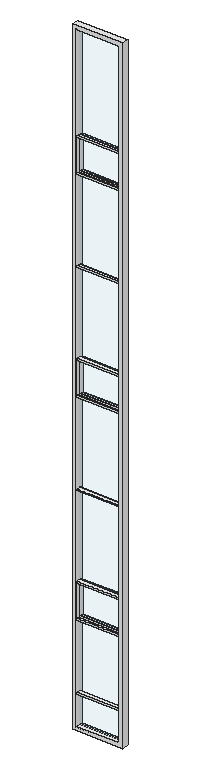
Revit family
Parameters (values of type "11400x900 mm")
  창프레임 = ""
  창철물 = ""
  창유리/마감 = ""
  창위치/개소 = ""
  창부호 = "6/ACW"
  창번호 = "6"
  창기호 = "ACW"
  유리 = 유리
  프레임 = 계단실 창 프레임
  Assembly Code = ""
  Height = 11400 mm
  기본 씰 높이 = 1200 mm
  Wall Closure = (empty or 0)
  Width = 900 mm
Reference planes
  plane 1: y = 0
  plane 2 "중심(왼쪽/오른쪽)": x = 0
  plane 3 "왼쪽": x = -450
  plane 4 "오른쪽": x = 450
  plane 5 "씰": z = 1200
  plane 6 "헤드": z = 12600
  plane 7 "외부": y = 75
  plane 8 "내부": y = -75
  plane 9: z = 1800
  plane 10: z = 3000
  plane 11: z = 3600
  plane 12: z = 5100
  plane 13: z = 6600
  plane 14: z = 7200
  plane 15: z = 8700
  plane 16: z = 10200
  plane 17: z = 10800
  plane 18: y = 95
  plane 19: y = 65
  plane 20: y = 40
  plane 21: y = -20
  plane 22: y = -25
  plane 23: x = -750
  plane 24: x = 750
  plane 25: z = 900
  plane 26: z = 12905
  plane 27: y = 20
  plane 28: x = 390
  plane 29: x = 360
  plane 30: x = -390
  plane 31: x = -360
  plane 32: z = 3615
  plane 33: z = 7215
  plane 34: z = 10815
  plane 35: x = -375
  plane 36: x = 375
Forms (mm)
  Sweep 1, solid, material "계단실 창 프레임" <- "프레임"
    path origin (2000, 95, 1000) x (1, 0, 0) y (0, 0, 1)
      loop
        line (-1550, 200) -> (-1550, 11600) -> (-2450, 11600) -> (-2450, 200) -> (-1550, 200)
    profile origin (450, 95, 6900) x (-1, 0, 0) y (0, -1, 0)
      loop
        line (0, 0) -> (60, 0) -> (60, 120) -> (0, 120) -> (0, 0)
  Extrusion 2, solid, material "계단실 창 프레임" <- "프레임"
    sketch origin (450, 0, 540) x (0, -1, 0) y (0, 0, 1)
      loop
        line (20, 1245) -> (20, 1275) -> (-40, 1275) -> (-40, 1245) -> (20, 1245)
    from 60 to 840
  Extrusion 3, solid, material "계단실 창 프레임" <- "프레임"
    sketch origin (450, 0, 1200) x (0, -1, 0) y (0, 0, 1)
      loop
        line (20, 1785) -> (20, 1815) -> (-20, 1815) -> (-20, 1800) -> (-40, 1800) -> (-40, 1785) -> (20, 1785)
    from 60 to 840
  Extrusion 4, solid, material "계단실 창 프레임" <- "프레임"
    sketch origin (450, 0, 2400) x (0, -1, 0) y (0, 0, 1)
      loop
        line (20, 1185) -> (20, 1215) -> (-40, 1215) -> (-40, 1200) -> (-20, 1200) -> (-20, 1185) -> (20, 1185)
    from 60 to 840
  Extrusion 5, solid, material "계단실 창 프레임" <- "프레임"
    sketch origin (450, 0, 3600) x (0, -1, 0) y (0, 0, 1)
      loop
        line (20, 1485) -> (20, 1500) -> (-40, 1500) -> (-40, 1485) -> (20, 1485)
    from 60 to 840
  Extrusion 6, solid, material "계단실 창 프레임" <- "프레임"
    sketch origin (450, 0, 7200) x (0, -1, 0) y (0, 0, 1)
      loop
        line (20, 1485) -> (20, 1515) -> (-40, 1515) -> (-40, 1485) -> (20, 1485)
    from 60 to 840
  Extrusion 7, solid, material "유리" <- "유리"
    sketch origin (450, 0, 0) x (0, -1, 0) y (0, 0, 1)
      loop
        line (-65, 1260) -> (-40, 1260) -> (-40, 1800) -> (-65, 1800) -> (-65, 1260)
    from 840 to 60
  Extrusion 8, solid, material "유리" <- "유리"
    sketch origin (450, 0, 1140) x (0, -1, 0) y (0, 0, 1)
      loop
        line (-65, 660) -> (-40, 660) -> (-40, 1860) -> (-65, 1860) -> (-65, 660)
    from 840 to 60
  Extrusion 9, solid, material "유리" <- "유리"
    sketch origin (450, 0, 2340) x (0, -1, 0) y (0, 0, 1)
      loop
        line (-65, 690) -> (-40, 690) -> (-40, 1230) -> (-65, 1230) -> (-65, 690)
    from 810 to 90
  Extrusion 10, solid, material "유리" <- "유리"
    sketch origin (450, 0, 3540) x (0, -1, 0) y (0, 0, 1)
      loop
        line (-65, 60) -> (-40, 60) -> (-40, 1560) -> (-65, 1560) -> (-65, 60)
    from 840 to 60
  Extrusion 11, solid, material "유리" <- "유리"
    sketch origin (450, 0, 4740) x (0, -1, 0) y (0, 0, 1)
      loop
        line (-65, 360) -> (-40, 360) -> (-40, 1860) -> (-65, 1860) -> (-65, 360)
    from 840 to 60
  Extrusion 12, solid, material "유리" <- "유리"
    sketch origin (450, 0, 7140) x (0, -1, 0) y (0, 0, 1)
      loop
        line (-65, 60) -> (-40, 60) -> (-40, 1560) -> (-65, 1560) -> (-65, 60)
    from 840 to 60
  Extrusion 13, solid, material "유리" <- "유리"
    sketch origin (450, 0, 8340) x (0, -1, 0) y (0, 0, 1)
      loop
        line (-65, 360) -> (-40, 360) -> (-40, 1860) -> (-65, 1860) -> (-65, 360)
    from 840 to 60
  Extrusion 14, solid, material "유리" <- "유리"
    sketch origin (450, 0, 10740) x (0, -1, 0) y (0, 0, 1)
      loop
        line (-65, 60) -> (-40, 60) -> (-40, 1800) -> (-65, 1800) -> (-65, 60)
    from 840 to 60
  Sweep 15, solid, material "계단실 창 프레임" <- "프레임"
    path origin (2000, 95, 1000) x (1, 0, 0) y (0, 0, 1)
      loop
        line (-1610, 2600) -> (-2390, 2600) -> (-2390, 2000) -> (-1610, 2000) -> (-1610, 2600)
    profile origin (390, 95, 3000) x (-1, 0, 0) y (0, -1, 0)
      loop
        line (0, 0) -> (30, 0) -> (30, 75) -> (0, 75) -> (0, 0)
  Extrusion 16, solid, material "계단실 창 프레임" <- "프레임"
    sketch origin (450, 0, 4800) x (0, -1, 0) y (0, 0, 1)
      loop
        line (20, 1785) -> (20, 1815) -> (-20, 1815) -> (-20, 1800) -> (-40, 1800) -> (-40, 1785) -> (20, 1785)
    from 60 to 840
  Extrusion 17, solid, material "계단실 창 프레임" <- "프레임"
    sketch origin (450, 0, 6000) x (0, -1, 0) y (0, 0, 1)
      loop
        line (20, 1185) -> (20, 1215) -> (-40, 1215) -> (-40, 1200) -> (-20, 1200) -> (-20, 1185) -> (20, 1185)
    from 60 to 840
  Extrusion 18, solid, material "유리" <- "유리"
    sketch origin (450, 0, 5940) x (0, -1, 0) y (0, 0, 1)
      loop
        line (-65, 690) -> (-40, 690) -> (-40, 1230) -> (-65, 1230) -> (-65, 690)
    from 840 to 90
  Sweep 19, solid, material "계단실 창 프레임" <- "프레임"
    path origin (2000, 95, 4600) x (1, 0, 0) y (0, 0, 1)
      loop
        line (-1610, 2600) -> (-2390, 2600) -> (-2390, 2000) -> (-1610, 2000) -> (-1610, 2600)
    profile origin (390, 95, 6600) x (-1, 0, 0) y (0, -1, 0)
      loop
        line (0, 0) -> (30, 0) -> (30, 75) -> (0, 75) -> (0, 0)
  Extrusion 20, solid, material "계단실 창 프레임" <- "프레임"
    sketch origin (450, 0, 8400) x (0, -1, 0) y (0, 0, 1)
      loop
        line (20, 1785) -> (20, 1815) -> (-20, 1815) -> (-20, 1800) -> (-40, 1800) -> (-40, 1785) -> (20, 1785)
    from 60 to 840
  Extrusion 21, solid, material "계단실 창 프레임" <- "프레임"
    sketch origin (450, 0, 9600) x (0, -1, 0) y (0, 0, 1)
      loop
        line (20, 1185) -> (20, 1215) -> (-40, 1215) -> (-40, 1200) -> (-20, 1200) -> (-20, 1185) -> (20, 1185)
    from 60 to 840
  Extrusion 22, solid, material "유리" <- "유리"
    sketch origin (450, 0, 9540) x (0, -1, 0) y (0, 0, 1)
      loop
        line (-65, 690) -> (-40, 690) -> (-40, 1230) -> (-65, 1230) -> (-65, 690)
    from 810 to 90
  Sweep 23, solid, material "계단실 창 프레임" <- "프레임"
    path origin (2000, 95, 8200) x (1, 0, 0) y (0, 0, 1)
      loop
        line (-1610, 2600) -> (-2390, 2600) -> (-2390, 2000) -> (-1610, 2000) -> (-1610, 2600)
    profile origin (390, 95, 10200) x (-1, 0, 0) y (0, -1, 0)
      loop
        line (0, 0) -> (30, 0) -> (30, 75) -> (0, 75) -> (0, 0)
  Extrusion 24, solid, material "계단실 창 프레임" <- "프레임"
    sketch origin (0, 0, 0) x (1, 0, 0) y (0, 1, 0)
      loop
        line (-390, -20) -> (-375, -20) -> (-375, 20) -> (-390, 20) -> (-390, -20)
      loop
        line (390, -20) -> (390, 20) -> (375, 20) -> (375, -20) -> (390, -20)
    from 3015 to 3585
  Extrusion 25, solid, material "계단실 창 프레임" <- "프레임"
    sketch origin (0, 0, 3600) x (1, 0, 0) y (0, 1, 0)
      loop
        line (-390, -20) -> (-375, -20) -> (-375, 20) -> (-390, 20) -> (-390, -20)
      loop
        line (390, -20) -> (390, 20) -> (375, 20) -> (375, -20) -> (390, -20)
    from 3015 to 3585
  Extrusion 26, solid, material "계단실 창 프레임" <- "프레임"
    sketch origin (0, 0, 7200) x (1, 0, 0) y (0, 1, 0)
      loop
        line (-390, -20) -> (-375, -20) -> (-375, 20) -> (-390, 20) -> (-390, -20)
      loop
        line (390, -20) -> (390, 20) -> (375, 20) -> (375, -20) -> (390, -20)
    from 3015 to 3585
Lines and regions (mm)
  Opening 1
    outline origin (3500, -75, 0) x (1, 0, 0) y (0, 0, 1)
      loop
        line (-3050, 1200) -> (-3050, 12600) -> (-3950, 12600) -> (-3950, 1200) -> (-3050, 1200)
  symbolic lines, style "WindowsOpeningProjection"
    curve 1: line (-450, 95, 900) -> (-450, 95, 12905)
    curve 2: line (-750, 95, 1200) -> (750, 95, 1200)
    curve 3: line (-455, 95, 1195) -> (455, 95, 1195)
    curve 4: line (-445, 95, 1205) -> (445, 95, 1205)
    curve 5: line (-445, 95, 1205) -> (-445, 95, 12595)
    curve 6: line (-455, 95, 1195) -> (-455, 95, 12605)
    curve 7: line (-750, 95, 12600) -> (750, 95, 12600)
    curve 8: line (-455, 95, 12605) -> (455, 95, 12605)
    curve 9: line (-445, 95, 12595) -> (445, 95, 12595)
    curve 10: line (450, 95, 900) -> (450, 95, 12905)
    curve 11: line (445, 95, 1205) -> (445, 95, 12595)
    curve 12: line (455, 95, 1195) -> (455, 95, 12605)
Text (mm)
  text "외부" at (-1963.203, 1332.353, 0), in view "참조 레벨"
  text "내부" at (-1981.466, -818.386, 0), in view "참조 레벨"
  text "외부" at (0, 923.751, 2943.296), in view "오른쪽"
  text "외부" at (0, 1040.484, 2685.409), in view "왼쪽"
Dimensions and locks
  equal spacing: plane 3 "왼쪽", plane 2 "중심(왼쪽/오른쪽)", plane 4 "오른쪽"
  "Width": plane 3 "왼쪽" to plane 4 "오른쪽"
  "Height": plane 5 "씰" to plane 6 "헤드"
  "기본 씰 높이": plane 5 "씰" to level
  locked: plane 7 "외부" to host wall at 0
  locked: plane 8 "내부" to host wall
  locked: plane 7 "외부" to plane 18 at 20
  locked: plane 19 to plane 7 "외부" at 10
  locked: plane 20 to plane 19 at 25
  locked: plane 21 to plane 20 at 60
  locked: plane 22 to plane 18 at 120
  curve 6 to curve 1 to curve 5 = 5 mm locked, 5 mm locked
  curve 3 to curve 2 to curve 4 = 5 mm locked, 5 mm locked
  curve 8 to curve 7 to curve 9 = 5 mm locked, 5 mm locked
  curve 12 to curve 10 to curve 11 = 5 mm locked, 5 mm locked
  locked: plane 6 "헤드" to plane 26 at 305
  locked: plane 25 to plane 5 "씰" at 300
  level to plane 9 = 1800 mm
  plane 5 "씰" to plane 10 = 1800 mm
  plane 10 to plane 11 = 600 mm
  plane 11 to plane 12 = 1500 mm
  plane 12 to plane 13 = 1500 mm
  plane 13 to plane 14 = 600 mm
  plane 14 to plane 15 = 1500 mm
  plane 15 to plane 16 = 1500 mm
  plane 16 to plane 17 = 600 mm
  plane 17 to plane 6 "헤드" = 1800 mm
  locked: plane 27 to plane 18 at 75
  plane 3 "왼쪽" to plane 30 to plane 31 = 60 mm locked, 30 mm locked
  plane 29 to plane 28 to plane 4 "오른쪽" = 30 mm locked, 60 mm locked
  locked: plane 36 to plane 28 at 15
  locked: plane 35 to plane 31 at 15
  locked: Sweep 1 sketch curve to Sweep 1 sketch curve at 60
  locked: Sweep 1 sketch curve to Sweep 1 sketch curve at 120
  aligned and locked: plane 21 to Extrusion 2 sketch curve
  aligned and locked: plane 20 to Extrusion 2 sketch curve
  aligned and locked: plane 19 to Extrusion 7 sketch curve
  aligned and locked: Extrusion 7 sketch curve to Sweep 1
  aligned and locked: plane 9 to Extrusion 7 sketch curve
  aligned and locked: Extrusion 7 sketch curve to Extrusion 2
  aligned and locked: Extrusion 7 to Sweep 1  (x2)
  aligned and locked: plane 11 to Extrusion 10
  aligned and locked: plane 12 to Extrusion 11
  aligned and locked: plane 14 to Extrusion 12
  aligned and locked: Extrusion 10 to plane 12
  aligned and locked: plane 9 to Extrusion 8
  aligned and locked: Extrusion 11 to plane 13
  aligned and locked: Extrusion 5 to plane 12
  aligned and locked: plane 22 to Sweep 1 sketch curve
  aligned and locked: plane 10 to Sweep 15 sketch curve
  aligned and locked: Sweep 1 to Sweep 15 sketch curve  (x2)
  aligned and locked: plane 27 to Sweep 15 sketch curve
  aligned and locked: plane 29 to Sweep 15 sketch curve
  aligned and locked: Extrusion 9 to plane 31
  aligned and locked: Extrusion 9 to Sweep 15  (x2)
  aligned and locked: Extrusion 9 to plane 29
  aligned and locked: Extrusion 18 to Sweep 19  (x2)
  aligned and locked: Extrusion 22 to Sweep 23  (x2)
  aligned and locked: Extrusion 24 sketch curve to plane 30
  aligned and locked: Extrusion 2 to Extrusion 24 sketch curve
  aligned and locked: plane 27 to Extrusion 24 sketch curve  (x2)
  aligned and locked: Extrusion 24 sketch curve to plane 35
  aligned and locked: plane 28 to Extrusion 24 sketch curve
  aligned and locked: Extrusion 24 sketch curve to Extrusion 2
  aligned and locked: Extrusion 24 sketch curve to plane 36
  aligned and locked: Extrusion 24 to Extrusion 4
  aligned and locked: Extrusion 24 to Extrusion 3
  aligned and locked: plane 6 "헤드" to Sweep 1 sketch curve
  aligned and locked: Sweep 1 sketch curve to plane 5 "씰"
  aligned and locked: plane 4 "오른쪽" to Sweep 1 sketch curve
  aligned and locked: Sweep 1 sketch curve to plane 3 "왼쪽"
  aligned and locked: Sweep 1 sketch curve to plane 4 "오른쪽"
  aligned and locked: Extrusion 14 to Sweep 1
  aligned and locked: Extrusion 22 to plane 31
  aligned and locked: Extrusion 18 to Extrusion 12
  aligned and locked: Extrusion 2 to Sweep 1  (x2)
  aligned and locked: Extrusion 8 to Sweep 1  (x2)
  aligned and locked: Extrusion 3 to Sweep 1  (x2)
  aligned and locked: Extrusion 4 to Sweep 1  (x2)
  aligned and locked: Extrusion 10 to Sweep 1  (x2)
  aligned and locked: Extrusion 5 to Sweep 1  (x2)
  aligned and locked: Extrusion 11 to Sweep 1
  aligned and locked: Extrusion 16 to Sweep 1  (x2)
  aligned and locked: Extrusion 17 to Sweep 1  (x2)
  aligned and locked: Extrusion 12 to Sweep 1
  aligned and locked: Extrusion 6 to Sweep 1  (x2)
  aligned and locked: Extrusion 13 to Sweep 1
  aligned and locked: Extrusion 20 to Sweep 1  (x2)
  aligned and locked: Extrusion 21 to Sweep 1  (x2)
Automatic sketch dimensions
  Opening 1 sketch curve to plane 3 "왼쪽" = 0 mm
  Opening 1 sketch curve to plane 4 "오른쪽" = 0 mm
  Opening 1 sketch curve to plane 5 "씰" = 0 mm
  Opening 1 sketch curve to plane 6 "헤드" = 0 mm
  plane 9 to Extrusion 2 sketch curve = 15 mm
  Extrusion 2 sketch curve to plane 9 = 15 mm
  Extrusion 3 sketch curve to plane 20 = 0 mm
  Extrusion 3 sketch curve to plane 10 = 0 mm
  Extrusion 3 sketch curve to plane 27 = 0 mm
  Extrusion 3 sketch curve to plane 21 = 0 mm
  plane 10 to Extrusion 3 sketch curve = 15 mm
  Extrusion 3 sketch curve to plane 10 = 15 mm
  Extrusion 4 sketch curve to plane 20 = 0 mm
  Extrusion 4 sketch curve to plane 27 = 0 mm
  Extrusion 4 sketch curve to plane 21 = 0 mm
  Extrusion 4 sketch curve to plane 11 = 0 mm
  Extrusion 4 sketch curve to plane 32 = 0 mm
  plane 11 to Extrusion 4 sketch curve = 15 mm
  Extrusion 5 sketch curve to plane 20 = 0 mm
  Extrusion 5 sketch curve to plane 12 = 0 mm
  Extrusion 5 sketch curve to plane 21 = 0 mm
  plane 12 to Extrusion 5 sketch curve = 15 mm
  Extrusion 6 sketch curve to plane 20 = 0 mm
  Extrusion 6 sketch curve to plane 21 = 0 mm
  plane 15 to Extrusion 6 sketch curve = 15 mm
  Extrusion 6 sketch curve to plane 15 = 15 mm
  Extrusion 8 sketch curve to plane 10 = 0 mm
  Extrusion 8 sketch curve to plane 19 = 0 mm
  Extrusion 8 sketch curve to plane 20 = 0 mm
  Extrusion 8 sketch curve to plane 9 = 0 mm
  Extrusion 9 sketch curve to plane 19 = 0 mm
  Extrusion 9 sketch curve to plane 20 = 0 mm
  Extrusion 9 sketch curve to plane 10 = 30 mm
  plane 11 to Extrusion 9 sketch curve = 30 mm
  Extrusion 10 sketch curve to plane 12 = 0 mm
  Extrusion 10 sketch curve to plane 19 = 0 mm
  Extrusion 10 sketch curve to plane 20 = 0 mm
  Extrusion 10 sketch curve to plane 11 = 0 mm
  Extrusion 11 sketch curve to plane 13 = 0 mm
  Extrusion 11 sketch curve to plane 19 = 0 mm
  Extrusion 11 sketch curve to plane 20 = 0 mm
  Extrusion 11 sketch curve to plane 12 = 0 mm
  Extrusion 12 sketch curve to plane 15 = 0 mm
  Extrusion 12 sketch curve to plane 19 = 0 mm
  Extrusion 12 sketch curve to plane 20 = 0 mm
  Extrusion 12 sketch curve to plane 14 = 0 mm
  Extrusion 13 sketch curve to plane 16 = 0 mm
  Extrusion 13 sketch curve to plane 19 = 0 mm
  Extrusion 13 sketch curve to plane 20 = 0 mm
  Extrusion 13 sketch curve to plane 15 = 0 mm
  Extrusion 14 sketch curve to plane 19 = 0 mm
  Extrusion 14 sketch curve to plane 20 = 0 mm
  Extrusion 14 sketch curve to plane 17 = 0 mm
  plane 6 "헤드" to Extrusion 14 sketch curve = 60 mm
  curve 2 to plane 5 "씰" = 0 mm
  curve 2 to plane 23 = 0 mm
  curve 7 to plane 6 "헤드" = 0 mm
  curve 7 to plane 23 = 0 mm
  curve 1 to plane 3 "왼쪽" = 0 mm
  curve 10 to plane 4 "오른쪽" = 0 mm
  curve 7 to plane 24 = 0 mm
  curve 2 to plane 24 = 0 mm
  curve 10 to plane 25 = 0 mm
  curve 1 to plane 25 = 0 mm
  curve 1 to plane 26 = 0 mm
  curve 10 to plane 26 = 0 mm
  Sweep 15 sketch curve to plane 11 = 0 mm
  Sweep 15 sketch curve to plane 30 = 0 mm
  Sweep 15 sketch curve to plane 28 = 0 mm
  Extrusion 16 sketch curve to plane 20 = 0 mm
  Extrusion 16 sketch curve to plane 13 = 0 mm
  Extrusion 16 sketch curve to plane 27 = 0 mm
  Extrusion 16 sketch curve to plane 21 = 0 mm
  plane 13 to Extrusion 16 sketch curve = 15 mm
  Extrusion 16 sketch curve to plane 13 = 15 mm
  Extrusion 17 sketch curve to plane 20 = 0 mm
  Extrusion 17 sketch curve to plane 27 = 0 mm
  Extrusion 17 sketch curve to plane 21 = 0 mm
  Extrusion 17 sketch curve to plane 14 = 0 mm
  Extrusion 17 sketch curve to plane 33 = 0 mm
  plane 14 to Extrusion 17 sketch curve = 15 mm
  Extrusion 18 sketch curve to plane 19 = 0 mm
  Extrusion 18 sketch curve to plane 20 = 0 mm
  Extrusion 18 sketch curve to plane 13 = 30 mm
  plane 14 to Extrusion 18 sketch curve = 30 mm
  Sweep 19 sketch curve to plane 14 = 0 mm
  Sweep 19 sketch curve to plane 30 = 0 mm
  Sweep 19 sketch curve to plane 13 = 0 mm
  Sweep 19 sketch curve to plane 28 = 0 mm
  Sweep 19 sketch curve to profile plane = 0 mm
  Sweep 19 sketch curve to plane 18 = 0 mm
  Sweep 19 sketch curve to profile plane = 30 mm
  plane 18 to Sweep 19 sketch curve = 75 mm
  Extrusion 20 sketch curve to plane 20 = 0 mm
  Extrusion 20 sketch curve to plane 16 = 0 mm
  Extrusion 20 sketch curve to plane 27 = 0 mm
  Extrusion 20 sketch curve to plane 21 = 0 mm
  plane 16 to Extrusion 20 sketch curve = 15 mm
  Extrusion 20 sketch curve to plane 16 = 15 mm
  Extrusion 21 sketch curve to plane 20 = 0 mm
  Extrusion 21 sketch curve to plane 27 = 0 mm
  Extrusion 21 sketch curve to plane 21 = 0 mm
  Extrusion 21 sketch curve to plane 17 = 0 mm
  Extrusion 21 sketch curve to plane 34 = 0 mm
  plane 17 to Extrusion 21 sketch curve = 15 mm
  Extrusion 22 sketch curve to plane 19 = 0 mm
  Extrusion 22 sketch curve to plane 20 = 0 mm
  Extrusion 22 sketch curve to plane 16 = 30 mm
  plane 17 to Extrusion 22 sketch curve = 30 mm
  Sweep 23 sketch curve to plane 17 = 0 mm
  Sweep 23 sketch curve to plane 30 = 0 mm
  Sweep 23 sketch curve to plane 16 = 0 mm
  Sweep 23 sketch curve to plane 28 = 0 mm
  Sweep 23 sketch curve to profile plane = 0 mm
  Sweep 23 sketch curve to plane 18 = 0 mm
  Sweep 23 sketch curve to profile plane = 30 mm
  plane 18 to Sweep 23 sketch curve = 75 mm
  Extrusion 25 sketch curve to plane 27 = 0 mm  (x2)
  Extrusion 25 sketch curve to plane 30 = 0 mm
  Extrusion 25 sketch curve to plane 35 = 0 mm
  Extrusion 25 sketch curve to plane 36 = 0 mm
  Extrusion 25 sketch curve to plane 28 = 0 mm
  Extrusion 25 sketch curve to plane 21 = 0 mm  (x2)
  Extrusion 26 sketch curve to plane 27 = 0 mm  (x2)
  Extrusion 26 sketch curve to plane 30 = 0 mm
  Extrusion 26 sketch curve to plane 35 = 0 mm
  Extrusion 26 sketch curve to plane 36 = 0 mm
  Extrusion 26 sketch curve to plane 28 = 0 mm
  Extrusion 26 sketch curve to plane 21 = 0 mm  (x2)
